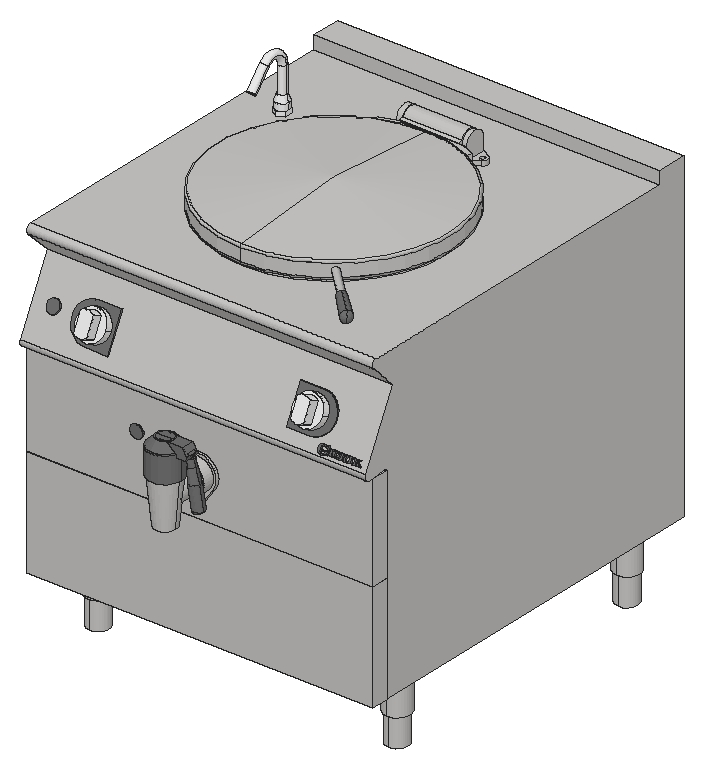
Revit family "QF_GIORIK_PGD910", category Specialty Equipment, Revit 2014
Parameters (values of type "PGD910")
  Weight in Pounds = 308.6468
  Waste Water Discharge Temperature [instance] = 0 °C
  URL Cutsheet = "www.giorik.com"
  URL = "www.giorik.com"
  Status [instance] = ""
  Specification by User [instance] = ""
  Specification by Manufacturer = ""
  Show Logo [instance] = yes
  Show Clearance [instance] = yes
  Serial Number = ""
  Seismic Rating = ""
  SMACNA No = ""
  Revision Code [instance] = ""
  Plumbing Remarks [instance] = ""
  Plumbing Connection Type [instance] = ""
  NAFEM Spec ID Number = ""
  Model = "PGD910"
  Masterspec = ""
  Manufacturer = "GIORIK"
  Item Number [instance] = ""
  Installed By [instance] = ""
  Indirect Waste Size = 1"
  Indirect Waste Flow = 0.0 L/s
  Indirect Waste Connection Type [instance] = ""
  Indirect Waste Connection Height [instance] = 150 mm
  Identify Quantity as Lot [instance] = no
  Hot Water Temperature = 0 °C
  Hot Water Size = 1/2"
  Hot Water RI Height [instance] = 0 mm
  Hot Water Minimum Pressure = 20000.0 Pa
  Hot Water Maximum Pressure = 50000.0 Pa
  Hot Water Flow = 0.0 L/s
  Hot Water Consumption = 0.0 L/s
  Hot Water Connection Height = 150 mm
  Gas Size = 1"
  Gas RI Height [instance] = 0 mm
  Gas KW = 21
  Gas Input = 21000 W
  Gas Connection Height [instance] = 150 mm
  Furnished By [instance] = ""
  Foodservice Equipment Identifier [instance] = yes
  Description = "100 LITRE GAS BOILING PAN - DIRECT HEATING VERSION"
  Cold Water Temperature Recommended = 0 °C
  Cold Water Size = 1/2"
  Cold Water RI Height [instance] = 150 mm
  Cold Water Minimum Pressure = 20000.0 Pa
  Cold Water Maximum Pressure = 50000.0 Pa
  Cold Water Flow [instance] = 0.0 L/s
  Cold Water Consumption [instance] = ""
  Cold Water Connection Height [instance] = 150 mm
  CSI MasterFormat = ""
  Assembly Code = "E1090320"
Reference planes
  plane 1 "Back": y = 0
  plane 2: z = 0
  plane 3 "Left": x = 0
  plane 4 "Right": x = 800
  plane 5 "Front": y = -920
  plane 6 "Top": z = 900
Forms (mm)
  Extrusion 1, solid
    sketch origin (816, 1025.81, 0) x (-1, 0, 0) y (0, -1, 0)
      loop
        line (25, 1086.81) -> (115, 1086.81) -> (115, 1156.81) -> (25, 1156.81) -> (25, 1086.81)
    from 148 to 150
  Extrusion 2, solid
    sketch origin (816, 360.81, 0) x (-1, 0, 0) y (0, -1, 0)
      loop
        line (25, 1086.81) -> (115, 1086.81) -> (115, 1156.81) -> (25, 1156.81) -> (25, 1086.81)
    from 148 to 150
  Revolve 3, solid
    sketch origin (746, 360.81, 0) x (0, 1, 0) y (0, 0, 1)
      loop
        line (-1092.56, 66) -> (-1092.56, 148) -> (-1121.81, 148) -> (-1121.81, 0) -> (-1096.81, 0) -> (-1096.81, 66) -> (-1092.56, 66)
      axis (-1121.81, 0) -> (-1121.81, 148)
    angle from 0 to 360
  Revolve 4, solid
    sketch origin (746, 1025.81, 0) x (0, 1, 0) y (0, 0, 1)
      loop
        line (-1092.56, 66) -> (-1092.56, 148) -> (-1121.81, 148) -> (-1121.81, 0) -> (-1096.81, 0) -> (-1096.81, 66) -> (-1092.56, 66)
      axis (-1121.81, 0) -> (-1121.81, 148)
    angle from 0 to 360
  Extrusion 5, solid
    sketch origin (124, 1025.81, 0) x (-1, 0, 0) y (0, -1, 0)
      loop
        line (25, 1086.81) -> (115, 1086.81) -> (115, 1156.81) -> (25, 1156.81) -> (25, 1086.81)
    from 148 to 150
  Extrusion 6, solid
    sketch origin (124, 360.81, 0) x (-1, 0, 0) y (0, -1, 0)
      loop
        line (25, 1086.81) -> (115, 1086.81) -> (115, 1156.81) -> (25, 1156.81) -> (25, 1086.81)
    from 148 to 150
  Revolve 7, solid
    sketch origin (54, 360.81, 0) x (0, 1, 0) y (0, 0, 1)
      loop
        line (-1092.56, 66) -> (-1092.56, 148) -> (-1121.81, 148) -> (-1121.81, 0) -> (-1096.81, 0) -> (-1096.81, 66) -> (-1092.56, 66)
      axis (-1121.81, 0) -> (-1121.81, 148)
    angle from 0 to 360
  Revolve 8, solid
    sketch origin (54, 1025.81, 0) x (0, 1, 0) y (0, 0, 1)
      loop
        line (-1092.56, 66) -> (-1092.56, 148) -> (-1121.81, 148) -> (-1121.81, 0) -> (-1096.81, 0) -> (-1096.81, 66) -> (-1092.56, 66)
      axis (-1121.81, 0) -> (-1121.81, 148)
    angle from 0 to 360
  Revolve 9, solid
    sketch origin (400, -1035.878, 30.013) x (0, 1, 0) y (0, 0, 1)
      loop
        line (263, 839.987) -> (523.5, 839.987) -> (523.5, 911.488)
        arc (523.5, 911.488) -> (389.852, 905.568) -> (257.251, 887.853) r 1511.497
        arc (257.251, 887.853) -> (254.241, 886.302) -> (253.5, 882.997) r 4
        line (253.5, 882.997) -> (253.5, 853.492)
        arc (253.5, 853.492) -> (254.572, 849.465) -> (258.468, 847.987) r 4.564
        line (258.468, 847.987) -> (263, 847.987) -> (263, 839.987)
      axis (523.5, 911.488) -> (523.5, 839.987)
    angle from 0 to 360
  Extrusion 10, solid
    sketch origin (331, -1525.878, 20.013) x (0, 1, 0) y (0, 0, 1)
      loop
        line (1291, 862) -> (1321, 862)
        arc (1321, 862) -> (1341.196, 898.967) -> (1299.177, 895.988) r 24
        arc (1299.177, 895.988) -> (1295.549, 893.05) -> (1291, 892) r 10.377
        line (1291, 892) -> (1291, 862)
    from 0 to 138
  Extrusion 11, solid
    sketch origin (319, -1525.878, 20.013) x (0, 1, 0) y (0, 0, 1)
      loop
        line (1297, 850) -> (1345, 850) -> (1345, 886)
        arc (1345, 886) -> (1321, 910) -> (1297, 886) r 24
        line (1297, 886) -> (1297, 850)
    from 0 to 12
  Extrusion 12, solid
    sketch origin (0, -1525.878, 870.013) x (0, 1, 0) y (-1, 0, 0)
      loop
        line (1345, -319) -> (1330.367, -295.233)
        arc (1330.367, -295.233) -> (1321, -290) -> (1311.633, -295.233) r 11
        line (1311.633, -295.233) -> (1297, -319) -> (1345, -319)
      loop
        circle (1321, -301) r 5.5
    from 0 to 9
  Extrusion 13, solid
    sketch origin (800, -1525.878, 870.013) x (0, 1, 0) y (-1, 0, 0)
      loop
        line (1345, 319) -> (1297, 319) -> (1311.633, 295.233)
        arc (1311.633, 295.233) -> (1321, 290) -> (1330.367, 295.233) r 11
        line (1330.367, 295.233) -> (1345, 319)
      loop
        circle (1321, 301) r 5.5
    from 0 to 9
  Extrusion 14, solid
    sketch origin (469, -1525.878, 20.013) x (0, 1, 0) y (0, 0, 1)
      loop
        line (1297, 850) -> (1345, 850) -> (1345, 886)
        arc (1345, 886) -> (1321, 910) -> (1297, 886) r 24
        line (1297, 886) -> (1297, 850)
    from 0 to 12
  Extrusion 15, solid
    sketch origin (-20, -900, -21.499) x (1, 0, 0) y (0, 0, 1)
      loop
        arc (455.029, 495.06) -> (420, 563) -> (384.971, 495.06) r 43
        line (384.971, 495.06) -> (408.595, 461.88)
        arc (408.595, 461.88) -> (420, 456) -> (431.405, 461.88) r 14
        line (431.405, 461.88) -> (455.029, 495.06)
      loop
        circle (420, 470) r 5
    from 0 to 6
  Revolve 16, solid
    sketch origin (-20, -1000, -21.499) x (1, 0, 0) y (0, 0, 1)
      loop
        line (420, 560) -> (420, 490) -> (440, 490) -> (440, 454) -> (445, 454) -> (454.5, 560) -> (420, 560)
      axis (420, 454) -> (420, 560)
    angle from 0 to 360
  Revolve 17, solid
    sketch origin (-20, -1000, -21.499) x (1, 0, 0) y (0, 0, 1)
      loop
        line (420, 560) -> (459.015, 560) -> (459.015, 618.943)
        arc (459.015, 618.943) -> (458.824, 619.904) -> (458.279, 620.718) r 2.507
        line (458.279, 620.718) -> (440.712, 638.268)
        arc (440.712, 638.268) -> (439.901, 638.81) -> (438.944, 639) r 2.5
        line (438.944, 639) -> (420, 639) -> (420, 560)
      axis (420, 560) -> (420, 639)
    angle from 0 to 360
  Revolve 18, solid
    sketch origin (400, -100, -21.499) x (0, 1, 0) y (0, 0, 1)
      loop
        line (-900, 520) -> (-806, 520) -> (-806, 556) -> (-833.409, 556)
        arc (-833.409, 556) -> (-835.601, 555.494) -> (-837.349, 554.078) r 5
        line (-837.349, 554.078) -> (-839.034, 551.922)
        arc (-839.034, 551.922) -> (-840.782, 550.506) -> (-842.974, 550) r 5
        line (-842.974, 550) -> (-900, 550) -> (-900, 520)
      axis (-806, 520) -> (-900, 520)
    angle from 0 to 360
  Extrusion 19, solid
    sketch origin (0, -35.878, 882.013) x (0, 1, 0) y (-1, 0, 0)
      loop
        line (-213.194, -290.935) -> (-227.053, -296.675)
        arc (-227.053, -296.675) -> (-206.785, -400) -> (-227.053, -503.325) r 273.514
        line (-227.053, -503.325) -> (-213.194, -509.065)
        arc (-213.194, -509.065) -> (-204.722, -487.451) -> (-199, -464.952) r 186.513
        line (-199, -464.952) -> (-199, -335.048)
        arc (-199, -335.048) -> (-204.722, -312.549) -> (-213.194, -290.935) r 186.513
    from 0 to 30
  Extrusion 20, solid
    sketch origin (0, 1000, -19.915) x (0, 1, 0) y (0, 0, 1)
      loop
        line (-1000, 919.915) -> (-1070, 919.915) -> (-1070, 889.915) -> (-1888.806, 889.915)
        arc (-1888.806, 889.915) -> (-1898.967, 883.461) -> (-1897.445, 871.521) r 11.226
        line (-1897.445, 871.521) -> (-1840.876, 814.952) -> (-1918.948, 661.185)
        arc (-1918.948, 661.185) -> (-1918.233, 650.033) -> (-1908.118, 645.281) r 10.981
        line (-1908.118, 645.281) -> (-1860, 649.852) -> (-1860, 170) -> (-1000, 170) -> (-1000, 919.915)
    from 0 to 800
  Extrusion 21, solid
    sketch origin (820, -985, -21.499) x (-1, 0, 0) y (0, 0, -1)
      loop
        line (368, -639) -> (420, -639) -> (420, -614) -> (364, -614)
        arc (364, -614) -> (359.031, -616.301) -> (358, -621.679) r 6
        line (358, -621.679) -> (368, -639)
    from 0 to 30
  Revolve 22, solid
    sketch origin (820, -1000, -21.499) x (-1, 0, 0) y (0, 0, -1)
      loop
        line (365.701, -595.491) -> (367.06, -595.251) -> (364.458, -563.216) -> (355.081, -510.037)
        arc (355.081, -510.037) -> (353.847, -508.1) -> (351.605, -507.603) r 3
        line (351.605, -507.603) -> (342.25, -509.253) -> (357.704, -596.901) -> (361.964, -621.057) -> (364.84, -620.55) -> (363.426, -612.529) -> (368.546, -611.626) -> (365.701, -595.491)
      axis (361.964, -621.057) -> (342.25, -509.253)
    angle from 0 to 360
  Extrusion 23, solid
    sketch origin (820, -990, -21.499) x (-1, 0, 0) y (0, 0, -1)
      loop
        arc (360.934, -626.761) -> (371.174, -617.461) -> (358, -621.679) r 7.078
        line (358, -621.679) -> (360.934, -626.761)
    from 0 to 20
  Extrusion 24, solid
    sketch origin (0, -887.576, 0) x (1, 0, 0) y (0, 0, 1)
      loop
        circle (254.679, 532.341) r 15
    from 12.424 to 14.424
  Extrusion 25, solid
    sketch origin (-6.328, -1211.709, 64.667) x (1, 0, 0) y (0, 0.452718, 0.891654)
      loop
        circle (55.091, 725.192) r 15
    from 0 to 2
  Extrusion 26, solid
    sketch origin (-202.569, -1214.126, 65.796) x (1, 0, 0) y (0, 0.45351, 0.891251)
      loop
        circle (351.331, 721.346) r 35
    from 0 to 15
  Extrusion 27, solid
    sketch origin (-202.569, -1214.126, 65.796) x (1, 0, 0) y (0, 0.45351, 0.891251)
      loop
        line (336.331, 743.846) -> (336.331, 698.846)
        arc (336.331, 698.846) -> (351.331, 693.846) -> (366.331, 698.846) r 25
        line (366.331, 698.846) -> (366.331, 743.846)
        arc (366.331, 743.846) -> (351.331, 748.846) -> (336.331, 743.846) r 25
    from 15 to 40
  Extrusion 28, solid
    sketch origin (-270.935, -1168.775, 43.201) x (1, 0, 0) y (0, 0.452718, 0.891654)
      loop
        line (463.221, 676.25) -> (463.221, 766.25) -> (409.698, 766.25)
        arc (409.698, 766.25) -> (364.698, 721.25) -> (409.698, 676.25) r 45
        line (409.698, 676.25) -> (463.221, 676.25)
    from 48 to 50
  Extrusion 29, solid
    sketch origin (1002.569, -1214.126, 65.796) x (-1, 0, 0) y (0, -0.45351, -0.891251)
      loop
        circle (351.331, -721.346) r 35
    from 0 to 15
  Extrusion 30, solid
    sketch origin (1002.569, -1214.126, 65.796) x (-1, 0, 0) y (0, -0.45351, -0.891251)
      loop
        arc (336.331, -743.846) -> (351.331, -748.846) -> (366.331, -743.846) r 25
        line (366.331, -743.846) -> (366.331, -698.846)
        arc (366.331, -698.846) -> (351.331, -693.846) -> (336.331, -698.846) r 25
        line (336.331, -698.846) -> (336.331, -743.846)
    from 15 to 40
  Extrusion 31, solid
    sketch origin (1070.935, -1168.775, 43.201) x (-1, 0, 0) y (0, -0.452718, -0.891654)
      loop
        line (463.221, -676.25) -> (409.698, -676.25)
        arc (409.698, -676.25) -> (364.698, -721.25) -> (409.698, -766.25) r 45
        line (409.698, -766.25) -> (463.221, -766.25) -> (463.221, -676.25)
    from 48 to 50
  Extrusion 32, solid, visible <- "Show Logo"
    sketch origin (591.604, -936.761, 608.548) x (-1, 0, 0) y (0, 0.452718, 0.891654)
      loop
        line (-118.824, 58.358) -> (-127.804, 58.358) -> (-125.523, 56.445) -> (-125.523, 48.027) -> (-127.804, 46.113) -> (-118.824, 46.113) -> (-121.105, 48.027) -> (-121.105, 56.445) -> (-118.824, 58.358)
      loop
        line (-163.721, 58.358) -> (-172.7, 58.358) -> (-170.42, 56.445) -> (-170.42, 48.027) -> (-172.7, 46.113) -> (-163.721, 46.113) -> (-166.001, 48.027) -> (-166.001, 56.445) -> (-163.721, 58.358)
      loop
        line (-174.332, 58.358) -> (-183.312, 58.358) -> (-181.031, 56.445) -> (-181.031, 52.435) -> (-186.419, 56.955) -> (-184.416, 58.358) -> (-191.268, 58.358) -> (-188.01, 56.839) -> (-185.455, 54.283) -> (-190.846, 47.858) -> (-193.396, 46.93) -> (-193.396, 46.113) -> (-184.416, 46.113) -> (-185.437, 47.571) -> (-182.443, 51.552) -> (-181.031, 50.894) -> (-181.031, 48.027) -> (-183.312, 46.113) -> (-174.332, 46.113) -> (-176.613, 48.027) -> (-176.613, 56.445) -> (-174.332, 58.358)
      loop
        line (-115.429, 62.063) -> (-115.429, 54.198)
        arc (-115.429, 54.198) -> (-111.618, 57.803) -> (-106.847, 59.986) r 16.039
        arc (-106.847, 59.986) -> (-103.314, 59.837) -> (-100.512, 57.68) r 5.851
        arc (-100.512, 57.68) -> (-98.815, 52.267) -> (-100.512, 46.853) r 9.479
        arc (-100.512, 46.853) -> (-102.406, 44.986) -> (-104.846, 43.93) r 7.236
        arc (-104.846, 43.93) -> (-107.728, 44.111) -> (-110.052, 45.825) r 5.11
        line (-110.052, 45.825) -> (-110.052, 52.001) -> (-116.141, 52.001) -> (-116.141, 45.503) -> (-117.893, 43.751) -> (-114.094, 44.769)
        arc (-114.094, 44.769) -> (-112.56, 44.947) -> (-111.129, 44.366) r 3.115
        arc (-111.129, 44.366) -> (-104.216, 42.091) -> (-97.303, 44.366) r 11.641
        arc (-97.303, 44.366) -> (-93.396, 52.107) -> (-97.303, 59.849) r 9.622
        arc (-97.303, 59.849) -> (-104.369, 62.174) -> (-111.435, 59.849) r 11.898
        line (-111.435, 59.849) -> (-115.429, 62.063)
      loop
        arc (-129.234, 56.068) -> (-135.893, 58.628) -> (-142.552, 56.068) r 9.941
        arc (-142.552, 56.068) -> (-144.234, 52.286) -> (-142.552, 48.505) r 5.093
        arc (-142.552, 48.505) -> (-135.893, 45.945) -> (-129.234, 48.505) r 9.941
        arc (-129.234, 48.505) -> (-127.552, 52.286) -> (-129.234, 56.068) r 5.093
      loop
        arc (-132.628, 54.403) -> (-135.893, 57.668) -> (-139.158, 54.403) r 3.265
        line (-139.158, 54.403) -> (-139.158, 50.169)
        arc (-139.158, 50.169) -> (-135.893, 46.904) -> (-132.628, 50.169) r 3.265
        line (-132.628, 50.169) -> (-132.628, 54.403)
      loop
        arc (-156.363, 58.365) -> (-159.647, 55.081) -> (-156.363, 51.796) r 3.285
        line (-156.363, 51.796) -> (-159.529, 47.306) -> (-162.087, 46.113) -> (-155.847, 46.113) -> (-153.529, 51.083) -> (-150.637, 51.083) -> (-150.637, 47.784) -> (-153.022, 46.113) -> (-144.011, 46.113) -> (-146.094, 47.68) -> (-146.094, 56.493) -> (-144.229, 58.365) -> (-156.363, 58.365)
      loop
        line (-150.637, 57.512) -> (-153.637, 57.512)
        arc (-153.637, 57.512) -> (-156.237, 54.912) -> (-153.637, 52.312) r 2.6
        line (-153.637, 52.312) -> (-150.637, 52.312) -> (-150.637, 57.512)
      loop
        line (-108.924, 52.001) -> (-104.936, 49.005) -> (-100.948, 52.001) -> (-108.924, 52.001)
    from 1.5 to -0.5
  Revolve 33, solid
    sketch origin (735, -285.878, -15) x (-1, 0, 0) y (0, 0, -1)
      loop
        line (635, -895) -> (635, -925) -> (645, -925) -> (650, -910) -> (650, -895) -> (635, -895)
      axis (635, -925) -> (635, -895)
    angle from 0 to 360
  Sweep 34, solid
    path origin (100, -48.878, -15) x (0, 1, 0) y (0, 0, -1)
      loop
        line (-237, -925) -> (-237, -986.382)
        arc (-237, -986.382) -> (-256.494, -1014.482) -> (-289.641, -1006.064) r 30
        line (-289.641, -1006.064) -> (-326.852, -963.258)
    profile origin (100, -285.878, 940.691) x (0, 1, 0) y (-1, 0, 0)
      loop
        circle (0, 0) r 9
  Extrusion 35, solid
    sketch origin (1534.526, 259.652, 885) x (0.975272, 0.221007, 0) y (-0.221007, 0.975272, 0)
      loop
        line (-1502.427, -209.668) -> (-1515.641, -197.445) -> (-1532.833, -202.777) -> (-1536.811, -220.332) -> (-1523.598, -232.555) -> (-1506.406, -227.223) -> (-1502.427, -209.668)
    from -15 to -5
  Extrusion 36, solid
    sketch origin (0, -200, 0) x (0, 1, 0) y (0, 0, 1)
      loop
        line (-660, 624.427) -> (-700, 624.427) -> (-700, 401.427) -> (-660, 401.427) -> (-660, 624.427)
    from 0 to 800
  Extrusion 37, solid
    sketch origin (0, -200, -240) x (0, 1, 0) y (0, 0, 1)
      loop
        line (-660, 640) -> (-700, 640) -> (-700, 390) -> (-660, 390) -> (-660, 640)
    from 0 to 800
  Extrusion 38, solid
    sketch origin (130, -300, 100.085) x (0, 1, 0) y (-1, 0, 0)
      loop
        circle (0, 0) r 6.5
    from 30 to 50
  Extrusion 39, solid
    sketch origin (50, -320, 100.085) x (0, 1, 0) y (-1, 0, 0)
      loop
        circle (-160, 0) r 12.5
    from 30 to 50
  Extrusion 40, solid
    sketch origin (104, -257, 100.085) x (0, 1, 0) y (-1, 0, 0)
      loop
        circle (-70, 0) r 6.5
    from 30 to 50
  Extrusion 41, solid, visible <- "Show Clearance", detail levels coarse
    sketch origin (130, -100, 70.961) x (0, 1, 0) y (0, 0, 1)
      loop
        arc (-80.878, 1446.904) -> (-506.111, 1271.7) -> (-682.378, 846.906) r 600
        line (-682.378, 846.906) -> (-80.878, 846.906) -> (-80.878, 1446.904)
    from 0 to 540
  Extrusion 42, solid
    sketch origin (170, -585, 900) x (0, 1, 0) y (-1, 0, 0)
      loop
        circle (0, 0) r 12.5
    from -750 to -769.915
  Revolve 43, solid
    sketch origin (160.983, -309.817, -52.393) x (-0.707107, 0.707107, 0) y (0, 0, -1)
      loop
        line (-671.931, -950.485) -> (-763.471, -950.485)
        arc (-763.471, -950.485) -> (-759.812, -959.317) -> (-750.98, -962.976) r 12.491
        line (-750.98, -962.976) -> (-671.931, -960.125) -> (-671.931, -950.485)
      axis (-671.931, -950.485) -> (-763.471, -950.485)
    angle from 0 to 360
  Extrusion 44, solid
    sketch origin (1359.702, -377.165, -52.393) x (-0.707107, -0.707107, 0) y (0, 0, -1)
      loop
        circle (800, -950.485) r 7.5
    from -223.314 to -315.051
Lines and regions (mm)
  symbolic lines, style "200-EquipBorder-2D"
    curve 1: line (0, -920, 0) -> (800, -920, 0)
    curve 2: line (800, -920, 0) -> (800, 0, 0)
    curve 3: line (800, 0, 0) -> (0, 0, 0)
    curve 4: line (0, 0, 0) -> (0, -920, 0)
    curve 40: arc (436.017, -985, 900) -> (360.985, -1000, 900) -> (436.017, -1015, 900) r 39.015
    curve 41: line (400, -1015, 900) -> (462.241, -1015, 900)
    curve 42: line (400, -985, 900) -> (400, -1015, 900)
    curve 43: line (462.241, -985, 900) -> (400, -985, 900)
    curve 44: line (462.241, -985, 900) -> (462.241, -1015, 900)
    curve 45: line (430.006, -975.063, 900) -> (430.006, -943.838, 900)
    curve 46: line (435.935, -933.569, 900) -> (435.935, -920, 900)
    curve 47: line (369.994, -975.063, 900) -> (369.994, -943.838, 900)
    curve 48: line (364.008, -933.469, 900) -> (364.008, -920, 900)
    curve 49: arc (369.994, -943.838, 900) -> (369.061, -940.356, 900) -> (366.512, -937.806, 900) r 6.965
    curve 50: arc (366.512, -937.806, 900) -> (364.679, -935.973, 900) -> (364.008, -933.469, 900) r 5.008
    curve 51: arc (430.006, -943.838, 900) -> (430.791, -940.279, 900) -> (433.481, -937.819, 900) r 6.041
    curve 52: arc (433.481, -937.819, 900) -> (435.38, -936.082, 900) -> (435.935, -933.569, 900) r 4.265
    curve 53: line (477.501, -987.499, 900) -> (467.858, -987.499, 900)
    curve 54: line (467.858, -1012.499, 900) -> (477.501, -1012.499, 900)
    curve 55: arc (477.501, -1012.499, 900) -> (490.001, -999.999, 900) -> (477.501, -987.499, 900) r 12.5
    curve 56: arc (467.858, -987.499, 900) -> (464.972, -987.837, 900) -> (462.241, -988.832, 900) r 12.5
    curve 57: arc (462.241, -1011.166, 900) -> (464.972, -1012.162, 900) -> (467.858, -1012.499, 900) r 12.5
    curve 73: line (163.763, -932.843, 900) -> (163.763, -920, 900)
    curve 74: arc (163.763, -932.843, 900) -> (148.758, -935.182, 900) -> (133.763, -932.783, 900) r 48.682
    curve 75: arc (636.237, -932.843, 900) -> (651.241, -935.173, 900) -> (666.237, -932.801, 900) r 49.042
    curve 76: line (636.237, -932.843, 900) -> (636.237, -920, 900)
    curve 77: line (133.763, -932.783, 900) -> (133.763, -920, 900)
    curve 78: line (666.237, -932.801, 900) -> (666.237, -920, 900)
  symbolic lines, style "200-EquipInternal-2D"
    curve 5: line (171.031, -35, 900) -> (629, -35, 900)
    curve 6: line (629, -32, 900) -> (171.031, -32, 900)
    curve 7: line (168, -25, 900) -> (632, -25, 900)
    curve 8: line (632, -22, 900) -> (168, -22, 900)
    curve 9: line (165, -15, 900) -> (635, -15, 900)
    curve 10: line (635, -12, 900) -> (165, -12, 900)
    curve 11: line (168, -22, 900) -> (168, -25, 900)
    curve 12: line (171.031, -32, 900) -> (171.031, -35, 900)
    curve 13: line (165, -12, 900) -> (165, -15, 900)
    curve 14: line (635, -15, 900) -> (635, -12, 900)
    curve 15: line (632, -25, 900) -> (632, -22, 900)
    curve 16: line (629, -35, 900) -> (629, -32, 900)
    curve 17: line (0, -70, 900) -> (800, -70, 900)
    curve 18: arc (400, -782.378, 900) -> (130, -512.378, 900) -> (400, -242.378, 900) r 270
    curve 19: arc (400, -246.129, 900) -> (133.751, -512.378, 900) -> (400, -778.627, 900) r 266.249
    curve 20: arc (400, -778.627, 900) -> (666.249, -512.378, 900) -> (400, -246.129, 900) r 266.249
    curve 21: arc (400, -242.378, 900) -> (670, -512.378, 900) -> (400, -782.378, 900) r 270
    curve 22: line (290.935, -249.072, 900) -> (296.675, -262.931, 900)
    curve 23: arc (335.048, -234.878, 900) -> (312.549, -240.6, 900) -> (290.935, -249.072, 900) r 186.513
    curve 24: line (295.233, -214.245, 900) -> (319, -228.878, 900)
    curve 25: arc (295.233, -195.511, 900) -> (290, -204.878, 900) -> (295.233, -214.245, 900) r 11
    curve 26: line (319, -180.878, 900) -> (295.233, -195.511, 900)
    curve 27: arc (301, -199.378, 900) -> (306.5, -204.878, 900) -> (301, -210.378, 900) r 5.5
    curve 28: arc (301, -210.378, 900) -> (295.5, -204.878, 900) -> (301, -199.378, 900) r 5.5
    curve 29: line (481, -180.878, 900) -> (319, -180.878, 900)
    curve 30: line (319, -228.878, 900) -> (331, -228.878, 900)
    curve 31: line (469, -234.878, 900) -> (331, -234.878, 900)
    curve 32: line (469, -228.878, 900) -> (481, -228.878, 900)
    curve 33: line (481, -228.878, 900) -> (504.767, -214.245, 900)
    curve 34: arc (499, -210.378, 900) -> (493.5, -204.878, 900) -> (499, -199.378, 900) r 5.5
    curve 35: arc (499, -199.378, 900) -> (504.5, -204.878, 900) -> (499, -210.378, 900) r 5.5
    curve 36: arc (504.767, -214.245, 900) -> (510, -204.878, 900) -> (504.767, -195.511, 900) r 11
    curve 37: line (504.767, -195.511, 900) -> (481, -180.878, 900)
    curve 38: line (469, -234.878, 900) -> (469, -228.878, 900)
    curve 39: line (331, -234.878, 900) -> (331, -228.878, 900)
    curve 58: line (84.412, -276.878, 900) -> (84.412, -294.878, 900)
    curve 59: line (100, -267.878, 900) -> (84.412, -276.878, 900)
    curve 60: line (115.588, -276.878, 900) -> (100, -267.878, 900)
    curve 61: line (115.588, -294.878, 900) -> (115.588, -276.878, 900)
    curve 62: arc (91, -285.878, 900) -> (100, -276.878, 900) -> (109, -285.878, 900) r 9
    curve 63: spline (109, -375.73, 900) -> (108.693, -377.488, 900) -> (107.794, -379.126, 900) -> (106.364, -380.533, 900) -> (104.5, -381.612, 900) -> (102.329, -382.291, 900) -> (100, -382.522, 900) -> (97.671, -382.291, 900) -> (95.5, -381.612, 900) -> (93.636, -380.533, 900) -> (92.206, -379.126, 900) -> (91.307, -377.488, 900) -> (91, -375.73, 900)
    curve 64: line (109, -285.878, 900) -> (109, -375.73, 900)
    curve 65: line (91, -375.73, 900) -> (91, -285.878, 900)
    curve 66: line (84.412, -294.878, 900) -> (91, -298.682, 900)
    curve 67: line (109, -298.682, 900) -> (115.588, -294.878, 900)
    curve 68: arc (509.065, -249.072, 900) -> (487.451, -240.6, 900) -> (464.952, -234.878, 900) r 186.513
    curve 69: line (503.325, -262.931, 900) -> (509.065, -249.072, 900)
    curve 70: arc (115, -285.878, 900) -> (113.416, -292.586, 900) -> (109, -297.878, 900) r 15
    curve 71: arc (85, -285.878, 900) -> (100, -270.878, 900) -> (115, -285.878, 900) r 15
    curve 72: arc (91, -297.878, 900) -> (86.584, -292.586, 900) -> (85, -285.878, 900) r 15
    curve 79: line (642.926, -778.127, 900) -> (629.294, -791.759, 900)
    curve 80: line (629.294, -791.759, 900) -> (683.174, -849.672, 900)
    curve 81: line (642.926, -778.127, 900) -> (700.839, -832.008, 900)
    curve 82: arc (700.839, -832.008, 900) -> (700.831, -849.665, 900) -> (683.174, -849.672, 900) r 12.491
    curve 83: line (641.413, -779.64, 900) -> (576.546, -714.773, 900)
    curve 84: line (630.807, -790.247, 900) -> (565.939, -725.379, 900)
Dimensions and locks
  plane 3 "Left" to plane 4 "Right" = 800 mm
  plane 5 "Front" to plane 1 "Back" = 920 mm
  plane 4 "Right" to plane 3 "Left" = 800 mm
  plane 1 "Back" to plane 5 "Front" = 920 mm
  plane 6 "Top" to level = 900 mm  (x2)
  aligned and locked: level to plane 2
Connectors
  piping at (130, -300, 130.085), diameter 12.7, driven by "Hot Water Size", driven by "Hot Water Flow"
    settings: on Extrusion 38, index 1, connector inside diameter 24", connector length 0 mm, flow factor 0, pipe flow 0.0 L/s, pressure drop 0.0 Pa, fitting loss kfactor 0, connector angle 0.00°, fixture units 0, engagement length 0 mm, angle of deflection 0.00°, flow configuration 1, flow direction 1, fitting loss method 0, system type 19, joint type 0, gender type 0, connector reference index -1, connector utility 0, adjustable connector no, is connector primary yes, connector description "Hot Water Inlet"
  piping at (104, -327, 130.085), diameter 12.7, driven by "Cold Water Size", driven by "Cold Water Flow"
    settings: on Extrusion 40, index 2, connector inside diameter 24", connector length 0 mm, flow factor 0, pipe flow 0.0 L/s, pressure drop 0.0 Pa, fitting loss kfactor 0, connector angle 0.00°, fixture units 0, engagement length 0 mm, angle of deflection 0.00°, flow configuration 1, flow direction 1, fitting loss method 0, system type 20, joint type 0, gender type 0, connector reference index -1, connector utility 0, adjustable connector no, is connector primary no, connector description "Cold Water Inlet"
  piping at (50, -480, 130.085), diameter 25.4, driven by "Gas Size"
    settings: on Extrusion 39, index 3, connector inside diameter 24", connector length 0 mm, flow factor 0, pipe flow 0.0 L/s, pressure drop 0.0 Pa, fitting loss kfactor 0, connector angle 0.00°, fixture units 0, engagement length 0 mm, angle of deflection 0.00°, flow configuration 1, flow direction 1, fitting loss method 0, system type 22, joint type 0, gender type 0, connector reference index -1, connector utility 0, adjustable connector no, is connector primary no, connector description "Gas Inlet"
  piping at (170, -585, 130.085), diameter 25.4, driven by "Indirect Waste Size", driven by "Indirect Waste Flow"
    settings: on Extrusion 42, index 4, connector inside diameter 24", connector length 0 mm, flow factor 0, pipe flow 0.0 L/s, pressure drop 0.0 Pa, fitting loss kfactor 0, connector angle 0.00°, fixture units 0, engagement length 0 mm, angle of deflection 0.00°, flow configuration 1, flow direction 2, fitting loss method 0, system type 16, joint type 0, gender type 0, connector reference index -1, connector utility 0, adjustable connector no, is connector primary no, connector description "Drain connection"
